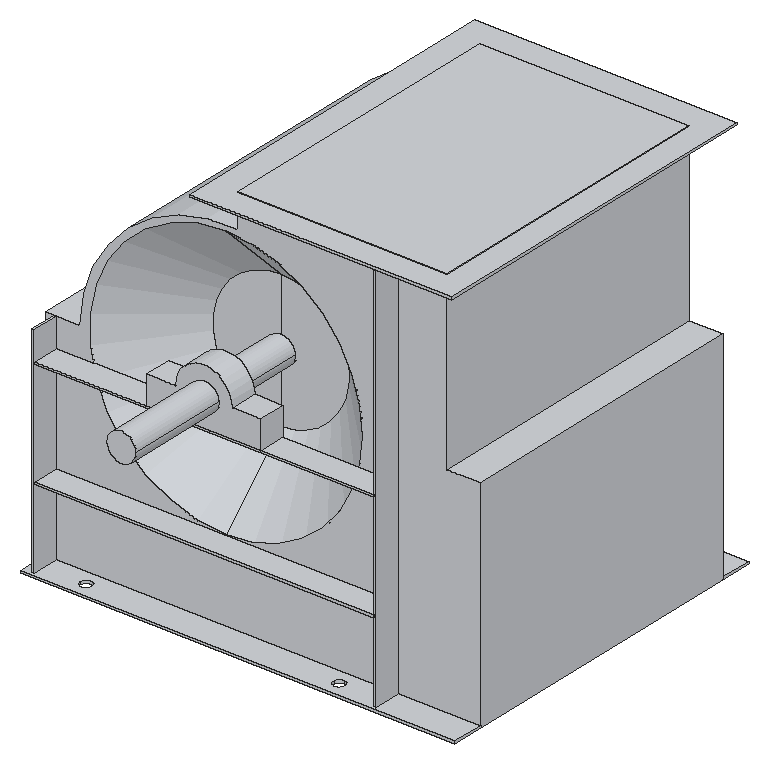
Revit family "CA_DWDI_CW_UBD", category Mechanical Equipment, Revit 2019
Family settings
  Round Connector Dimension = Use Radius
  Part Type = Normal
  Work Plane-Based = No
  Always vertical = Yes
  Cut with Voids When Loaded = No
  Shared = No
  Room Calculation Point = No
Parameters (values of type "120_CA-DWDI_CW_UBD_CLASS_2")
  X/2 = X / 2  # 0' - 10 31/32"
  X = 1' - 9 15/16"
  W/2 = W / 2  # 0' - 0 11/32"
  W = 0' - 0 11/16"
  V = 1' - 6"
  Unit Weight [instance] = ""
  U = 0' - 7 1/2"
  T = 0' - 9 31/32"
  Sones [instance] = ""
  S = 1' - 7 15/16"
  R/2 = R / 2  # 0' - 0 27/32"
  R+R = R + R  # 0' - 3 3/8"
  R = 0' - 1 11/16"
  P-N-M = P - N - M  # 0' - 1 5/8"
  P-N = -(P - N)  # -1' - 11 5/16"
  P = 2' - 5 7/16"
  N = 0' - 6 1/8"
  Motor RPM [instance] = ""
  Motor Enclosure [instance] = ""
  ModelID [instance] = ""
  M/2 = M / 2  # 0' - 10 27/32"
  M = 1' - 9 11/16"
  LwA [instance] = ""
  L = M / 2  # 0' - 10 27/32"
  K = 0' - 2"
  J = 0' - 10 11/16"
  INLET/2 = INLET / 2  # 0' - 8 1/16"
  INLET = 1' - 4 1/8"
  H = 2' - 1 3/4"
  G/5*3 = INLET / 2  # 0' - 8 1/16"
  G/10*3 = INLET / 4  # 0' - 4 1/32"
  G-2.5" = G - R  # 0' - 11 5/16"
  G-(G/5*3) = G - (INLET / 2)  # 0' - 4 15/16"
  G+((G/5*3)+2") = G + ((INLET / 2) + 0' 2")  # 1' - 11 1/16"
  G = 1' - 1"
  Fan RPM [instance] = ""
  F-.125" = F - 0' 0 1/8"  # 1' - 11 1/4"
  F-((D-A)/2) = F - ((D - A) / 2)  # 1' - 9 11/16"
  F = 1' - 11 3/8"
  E/2 = E / 2  # 0' - 10 17/32"
  E = 1' - 9 1/16"
  D/2 = D / 2  # 0' - 7 3/4"
  D = 1' - 3 1/2"
  B/2 = B / 2  # 0' - 8 27/32"
  B+.25" = B + 0' 0 1/4"  # 1' - 5 15/16"
  B = 1' - 5 11/16"
  Accessories [instance] = ""
  A/2 = A / 2  # 0' - 6 1/16"
  A+.25" = A + 0' 0 1/4"  # 1' - 0 3/8"
  A = 1' - 0 1/8"
  3" = 0' - 3"  # constant formula
  Brake Hp [instance] = ""
  4" = 0' - 4"  # constant formula
  2' = 2' - 0"
  2" = 0' - 2"  # constant formula
  1" = 0' - 1"  # constant formula
  0 = 0' - 0"  # constant formula
  Voltage [instance] = 0 V
  URL = "www.lorencook.com"
  Type Comments = "Airfoil Centrifugal Blower Clockwise Up Blast Arrangement 3 Class 2"
  Static Pressure [instance] = 0.00 in-wg
  Power [instance] = Voltage * Motor FLA * sqrt(if(Phase = 3, 3, 1))  # 0 VA
  Phase [instance] = 0
  Number of Poles [instance] = 1
  Motor Hp [instance] = "0"
  Motor FLA [instance] = 0 A
  Model = "CA DWDI"  # constant formula
  Manufacturer = "Loren Cook Company"
  CFM [instance] = 0 CFM
  1.5 = 0' - 1 1/2"  # constant formula
  ONE EIGTH = 0' - 0 1/8"  # constant formula
  -P = -P  # -2' - 5 7/16"
  -((B+.25")/2) = -((B + 0' 0 1/4") / 2)  # -0' - 8 31/32"
  (M-(B+.25"))/2 = (M - (B + 0' 0 1/4")) / 2  # 0' - 1 7/8"
  (G/5*3)+2" = (INLET / 2) + 0' 2"  # 0' - 10 1/16"
  (D-A-.25)/2 = (D - A - 0' 0 1/4") / 2  # 0' - 1 9/16"
  ((B+.25")/2) = ((B + 0' 0 1/4") / 2)  # 0' - 8 31/32"
Reference planes (in)
  plane 1 "Center (Front/Back)": y = 0
  plane 2: z = 0
  plane 3 "Center (Left/Right)": x = 0.40541
Forms (in)
  Extrusion 1, solid
    sketch origin (0, 0, 0) x (1, 0, 0) y (0, 0, 1)
      loop
        line (15.46791, 0) -> (15.46791, 13) -> (13.46791, 13) -> (13.46791, 23.375) -> (1.09291, 23.375) -> (1.09291, 21.375)
        arc (1.09291, 21.375) -> (-5.38554, 19.1923) -> (-8.28209, 13) r 8.69234
        line (-8.28209, 13) -> (-10.28209, 13) -> (-10.28209, 0) -> (15.46791, 0)
    from -8.96875 <- "-((B+.25")/2)" to 8.96875 <- "((B+.25")/2)"
  Revolve 2, void
    sketch origin (0.40541, 0, 0) x (0, 1, 0) y (0, 0, 1)
      loop
        line (8.96875, 21.0625) -> (4.9375, 17.03125) -> (4.9375, 13) -> (8.96875, 13) -> (8.96875, 21.0625)
      loop
        line (-8.96875, 21.0625) -> (-8.96875, 13) -> (-4.9375, 13) -> (-4.9375, 17.03125) -> (-8.96875, 21.0625)
      axis (8.96875, 13) -> (-8.96875, 13)
    angle from 0 to 360
  Extrusion 3, solid
    sketch origin (0, 0, 0) x (1, 0, 0) y (0, 1, 0)
      loop
        line (15.46791, 10.84375) -> (-10.28209, 10.84375) -> (-10.28209, 8.96875) -> (15.46791, 8.96875) -> (15.46791, 10.84375)
      loop
        line (-10.28209, -10.84375) -> (15.46791, -10.84375) -> (15.46791, -8.96875) -> (-10.28209, -8.96875) -> (-10.28209, -10.84375)
    from 0 to 0.125
  Extrusion 4, void
    sketch origin (0, 0, 0) x (1, 0, 0) y (0, 1, 0)
      loop
        circle (7.90541, 9.96875) r 0.34375
      loop
        circle (-7.09459, 9.96875) r 0.34375
      loop
        circle (-7.09459, -9.96875) r 0.34375
      loop
        circle (7.90541, -9.96875) r 0.34375
      loop
        circle (25.90541, 9.96875) r 0.34375
      loop
        circle (25.90541, -9.96875) r 0.34375
    from 0 to 0.125
  Extrusion 5, solid
    sketch origin (0, -10.59375, 0) x (1, 0, 0) y (0, 0, 1)
      loop
        circle (0.40541, 13) r 0.84375
    from 6.125 <- "N" to -23.3125 <- "P-N"
  Extrusion 6, solid
    sketch origin (0, -8.96875, 0) x (1, 0, 0) y (0, 0, 1)
      loop
        line (10.46791, 23.25) -> (10.46791, 0) -> (10.59291, 0) -> (10.59291, 23.25) -> (10.46791, 23.25)
      loop
        line (-9.65709, 0) -> (-9.65709, 13) -> (-9.78209, 13) -> (-9.78209, 0) -> (-9.65709, 0)
    from 0 to 1.625 <- "P-N-M"
  Extrusion 7, solid
    sketch origin (0, -8.96875, 0) x (1, 0, 0) y (0, 0, 1)
      loop
        line (-9.65709, 4.9375) -> (-9.65709, 4.8125) -> (10.46791, 4.8125) -> (10.46791, 4.9375) -> (-9.65709, 4.9375)
      loop
        line (10.46791, 11.3125) -> (-9.65709, 11.3125) -> (-9.65709, 11.1875) -> (10.46791, 11.1875) -> (10.46791, 11.3125)
    from 0 to 1.625 <- "P-N-M"
  Extrusion 8, solid
    sketch origin (0, -8.96875, 0) x (1, 0, 0) y (0, 0, 1)
      loop
        arc (2.09291, 13) -> (0.40541, 14.6875) -> (-1.28209, 13) r 1.6875
        line (-1.28209, 13) -> (-2.96959, 13) -> (-2.96959, 11.3125) -> (3.78041, 11.3125) -> (3.78041, 13) -> (2.09291, 13)
    from 0 to 1.625 <- "P-N-M"
  Extrusion 9, solid
    sketch origin (0, 8.96875, 0) x (-1, 0, 0) y (0, 0, 1)
      loop
        line (-10.46791, 0.125) -> (-10.46791, 23.25) -> (-10.59291, 23.25) -> (-10.59291, 0.125) -> (-10.46791, 0.125)
      loop
        line (9.65709, 13) -> (9.65709, 0.125) -> (9.78209, 0.125) -> (9.78209, 13) -> (9.65709, 13)
    from 0 to 1.625 <- "P-N-M"
  Extrusion 10, solid
    sketch origin (0, 8.96875, 0) x (-1, 0, 0) y (0, 0, 1)
      loop
        line (9.65709, 11.3125) -> (-10.46791, 11.3125) -> (-10.46791, 11.1875) -> (9.65709, 11.1875) -> (9.65709, 11.3125)
      loop
        line (-10.46791, 4.9375) -> (-10.46791, 4.8125) -> (9.65709, 4.8125) -> (9.65709, 4.9375) -> (-10.46791, 4.9375)
    from 0 to 1.625 <- "P-N-M"
  Extrusion 11, solid
    sketch origin (0, 8.96875, 0) x (-1, 0, 0) y (0, 0, 1)
      loop
        arc (1.28209, 13) -> (-0.40541, 14.6875) -> (-2.09291, 13) r 1.6875
        line (-2.09291, 13) -> (-3.78041, 13) -> (-3.78041, 11.3125) -> (2.96959, 11.3125) -> (2.96959, 13) -> (1.28209, 13)
    from 0 to 1.625 <- "P-N-M"
  Extrusion 12, solid
    sketch origin (13.46791, 0, 23.375) x (-1, 0, 0) y (0, -1, 0)
      loop
        line (13.9375, -10.53125) -> (13.9375, 10.53125) -> (-1.5625, 10.53125) -> (-1.5625, -10.53125) -> (13.9375, -10.53125)
    from 0 to -0.125
Cuts and joins
  Revolve 2, Extrusion 4 cuts Extrusion 1
  Extrusion 4 cuts Extrusion 3
Dimensions and locks (in)
  "0": Extrusion 1 to Revolve 2 sketch curve
  "0": Revolve 2 sketch curve to Extrusion 1
  "G": level to Revolve 2 sketch curve
  "G": Revolve 2 sketch curve to level  (x2)
  "G/10*3": Revolve 2 sketch curve to Revolve 2 sketch curve  (x4)
  "0": cut or joined group of Extrusion 1, Revolve 2, Extrusion 4 to Extrusion 3 sketch curve  (x3)
  "0": Extrusion 3 sketch curve to cut or joined group of Extrusion 1, Revolve 2, Extrusion 4  (x3)
  "M/2": Extrusion 3 sketch curve to plane 1 "Center (Front/Back)"
  "M/2": plane 1 "Center (Front/Back)" to Extrusion 3 sketch curve
  "T": plane 1 "Center (Front/Back)" to Extrusion 4 sketch curve  (x3)
  "T": Extrusion 4 sketch curve to plane 1 "Center (Front/Back)"  (x3)
  "U": Extrusion 4 sketch curve to plane 3 "Center (Left/Right)"  (x2)
  "U": plane 3 "Center (Left/Right)" to Extrusion 4 sketch curve  (x2)
  "G": Extrusion 5 sketch curve to level
  "0": Extrusion 5 sketch curve to plane 3 "Center (Left/Right)"
  "0": Extrusion 6 sketch curve to level  (x2)
  "ONE EIGTH": Extrusion 6 sketch curve to Extrusion 6 sketch curve  (x2)
  "(G/5*3)+2"": Extrusion 6 sketch curve to plane 3 "Center (Left/Right)"
  "(G/5*3)+2"": plane 3 "Center (Left/Right)" to Extrusion 6 sketch curve
  "G": Extrusion 6 sketch curve to level
  "(G/5*3)+2"": Extrusion 7 sketch curve to plane 3 "Center (Left/Right)"  (x2)
  "(G/5*3)+2"": plane 3 "Center (Left/Right)" to Extrusion 7 sketch curve  (x2)
  "ONE EIGTH": Extrusion 7 sketch curve to Extrusion 7 sketch curve  (x2)
  "G-(G/5*3)": Extrusion 7 sketch curve to level
  "G-2.5"": Extrusion 7 sketch curve to level
  "R+R": plane 3 "Center (Left/Right)" to Extrusion 8 sketch curve
  "R+R": Extrusion 8 sketch curve to plane 3 "Center (Left/Right)"
  "0": Extrusion 8 sketch curve to plane 3 "Center (Left/Right)"
  "G": Extrusion 8 sketch curve to cut or joined group of Extrusion 3, Extrusion 4
  "0": Extrusion 8 sketch curve to Extrusion 8 sketch curve  (x2)
  "0": Extrusion 8 sketch curve to Extrusion 7
  "ONE EIGTH": level to Extrusion 9 sketch curve  (x2)
  "0": Extrusion 9 sketch curve to Extrusion 6
  "ONE EIGTH": Extrusion 9 sketch curve to Extrusion 9 sketch curve  (x2)
  "(G/5*3)+2"": Extrusion 9 sketch curve to plane 3 "Center (Left/Right)"
  "(G/5*3)+2"": plane 3 "Center (Left/Right)" to Extrusion 9 sketch curve
  "(G/5*3)+2"": Extrusion 10 sketch curve to plane 3 "Center (Left/Right)"  (x2)
  "(G/5*3)+2"": plane 3 "Center (Left/Right)" to Extrusion 10 sketch curve  (x2)
  "ONE EIGTH": Extrusion 10 sketch curve to Extrusion 10 sketch curve  (x2)
  "0": Extrusion 7 to Extrusion 10 sketch curve  (x2)
  "0": Extrusion 11 sketch curve to Extrusion 10
  "G": level to Extrusion 11 sketch curve  (x3)
  "R+R": plane 3 "Center (Left/Right)" to Extrusion 11 sketch curve
  "R+R": Extrusion 11 sketch curve to plane 3 "Center (Left/Right)"
  "0": Extrusion 11 sketch curve to plane 3 "Center (Left/Right)"
  "INLET/2": Revolve 2 sketch curve to Revolve 2 sketch curve  (x2)
  "F-.125"": Extrusion 6 sketch curve to level
  "H": Extrusion 1 sketch curve to Extrusion 1 sketch curve
  "G": Extrusion 1 sketch curve to level  (x2)
  "K": Extrusion 1 sketch curve to Extrusion 1 sketch curve  (x2)
  "0": Extrusion 1 sketch curve to level
  "J": Extrusion 1 sketch curve to plane 3 "Center (Left/Right)"
  "F": Extrusion 1 sketch curve to level
  "A+.25"": Extrusion 1 sketch curve to Extrusion 1 sketch curve
  "2"": Extrusion 1 sketch curve to Extrusion 1 sketch curve
  "0": Extrusion 1 sketch curve to plane 3 "Center (Left/Right)"
  "E/2": plane 1 "Center (Front/Back)" to Extrusion 12 sketch curve
  "E/2": Extrusion 12 sketch curve to plane 1 "Center (Front/Back)"
  "D": Extrusion 12 sketch curve to Extrusion 12 sketch curve
  "(D-A-.25)/2": Extrusion 12 sketch curve to cut or joined group of Extrusion 1, Revolve 2, Extrusion 4
  "V": Extrusion 4 sketch curve to Extrusion 4 sketch curve  (x2)
  "G": Extrusion 9 sketch curve to level
  "W/2": radius of Extrusion 4 sketch curve  (x6)
  "R/2": radius of Extrusion 5 sketch curve
  "R": radius of Extrusion 8 sketch curve
  "R": radius of Extrusion 11 sketch curve
Automatic sketch dimensions
  Extrusion 8 sketch curve to Extrusion 8 sketch curve = 0' - 0"
  plane 1 "Center (Front/Back)" to Revolve 2 sketch curve = 0' - 3.84814"
  Revolve 2 sketch curve to Revolve 2 sketch curve = 0' - 0"
Connectors (in)
  hvac at (7.28041, 0, 23.25), driven by "B", driven by "A"
    settings: on Extrusion 12, index 4, duct flow 0 CFM, flow factor 0, pres drop 0.00 in-wg, loss coef 0, conn angle 0.00°, conn width 12 1/8", conn height 17 11/16", conn diameter 24", duct sys type 29, conn prof type 1, flow config 0, flow direction 2, loss method 0, conn ref index -1, conn util no, is conn primary yes, conn desc ""
  hvac at (0.40541, 8.96875, 13), driven by "INLET/2"
    settings: on cut or joined group of Extrusion 1, Revolve 2, Extrusion 4, index 5, duct flow 0 CFM, flow factor 0, pres drop 0.00 in-wg, loss coef 0, conn angle 0.00°, conn width 12", conn height 12", conn diameter 16 1/8", duct sys type 29, conn prof type 0, flow config 0, flow direction 1, loss method 0, conn ref index -1, conn util no, is conn primary no, conn desc ""
  hvac at (0.40541, -8.96875, 13), driven by "INLET/2"
    settings: on cut or joined group of Extrusion 1, Revolve 2, Extrusion 4, index 6, duct flow 0 CFM, flow factor 0, pres drop 0.00 in-wg, loss coef 0, conn angle 0.00°, conn width 12", conn height 12", conn diameter 16 1/8", duct sys type 29, conn prof type 0, flow config 0, flow direction 1, loss method 0, conn ref index -1, conn util no, is conn primary no, conn desc ""
Types (61): name | X/2 | X | W/2 | W | V | U | T | S | R/2 | R+R | R | P-N-M | P-N | P | N | M/2 | M | L | K | J | INLET/2 | INLET | H | G/5*3 | G/10*3 | G-2.5" | G-(G/5*3) | G+((G/5*3)+2") | G | F-.125" | F-((D-A)/2) | F | E/2 | E | D/2 | D | B/2 | B+.25" | B | A/2 | A+.25" | A | Type Comments | -P | -((B+.25")/2) | (M-(B+.25"))/2 | (G/5*3)+2" | (D-A-.25)/2 | ((B+.25")/2)
  (no name) | 0' - 10 31/32" | 1' - 9 15/16" | 0' - 0 11/32" | 0' - 0 11/16" | 1' - 6" | 0' - 7 1/2" | 0' - 9 31/32" | 1' - 7 15/16" | 0' - 0 27/32" | 0' - 3 3/8" | 0' - 1 11/16" | 0' - 1 5/8" | -1' - 11 5/16" | 2' - 5 7/16" | 0' - 6 1/8" | 0' - 10 27/32" | 1' - 9 11/16" | 0' - 10 27/32" | 0' - 2" | 0' - 10 11/16" | 0' - 8 1/16" | 1' - 4 1/8" | 2' - 1 3/4" | 0' - 8 1/16" | 0' - 4 1/32" | 0' - 11 5/16" | 0' - 4 15/16" | 1' - 11 1/16" | 1' - 1" | 1' - 11 1/4" | 1' - 9 11/16" | 1' - 11 3/8" | 0' - 10 17/32" | 1' - 9 1/16" | 0' - 7 3/4" | 1' - 3 1/2" | 0' - 8 27/32" | 1' - 5 15/16" | 1' - 5 11/16" | 0' - 6 1/16" | 1' - 0 3/8" | 1' - 0 1/8" | "Airfoil Centrifugal Blower Clockwise Up Blast Arrangement 3 Class 2" | -2' - 5 7/16" | -0' - 8 31/32" | 0' - 1 7/8" | 0' - 10 1/16" | 0' - 1 9/16" | 0' - 8 31/32"
  120_CA-DWDI_CW_UBD_CLASS_1 | 0' - 10 31/32" | 1' - 9 15/16" | 0' - 0 11/32" | 0' - 0 11/16" | 1' - 6" | 0' - 7 1/2" | 0' - 9 31/32" | 1' - 7 15/16" | 0' - 0 23/32" | 0' - 2 7/8" | 0' - 1 7/16" | 0' - 1 1/4" | -1' - 10 15/16" | 2' - 4 11/16" | 0' - 5 3/4" | 0' - 10 27/32" | 1' - 9 11/16" | 0' - 10 27/32" | 0' - 2" | 0' - 10 11/16" | 0' - 8 1/16" | 1' - 4 1/8" | 2' - 1 3/4" | 0' - 8 1/16" | 0' - 4 1/32" | 0' - 11 9/16" | 0' - 4 15/16" | 1' - 11 1/16" | 1' - 1" | 1' - 11 1/4" | 1' - 9 11/16" | 1' - 11 3/8" | 0' - 10 17/32" | 1' - 9 1/16" | 0' - 7 3/4" | 1' - 3 1/2" | 0' - 8 27/32" | 1' - 5 15/16" | 1' - 5 11/16" | 0' - 6 1/16" | 1' - 0 3/8" | 1' - 0 1/8" | "Airfoil Centrifugal Blower Clockwise Up Blast Arrangement 3 Class 1" | -2' - 4 11/16" | -0' - 8 31/32" | 0' - 1 7/8" | 0' - 10 1/16" | 0' - 1 9/16" | 0' - 8 31/32"
  135_CA-DWDI_CW_UBD_CLASS_1 | 1' - 0 3/32" | 2' - 0 3/16" | 0' - 0 11/32" | 0' - 0 11/16" | 1' - 6" | 0' - 8 1/2" | 0' - 11 3/32" | 1' - 10 3/16" | 0' - 0 23/32" | 0' - 2 7/8" | 0' - 1 7/16" | 0' - 1 1/4" | -2' - 1 3/16" | 2' - 6 15/16" | 0' - 5 3/4" | 0' - 11 31/32" | 1' - 11 15/16" | 0' - 11 31/32" | 0' - 2" | 1' - 0 1/16" | 0' - 8 13/16" | 1' - 5 5/8" | 2' - 4 3/4" | 0' - 8 13/16" | 0' - 4 13/32" | 1' - 0 9/16" | 0' - 5 3/16" | 2' - 0 13/16" | 1' - 2" | 2' - 1 1/2" | 1' - 11 15/16" | 2' - 1 5/8" | 0' - 11 21/32" | 1' - 11 5/16" | 0' - 8 1/2" | 1' - 5" | 0' - 9 31/32" | 1' - 8 3/16" | 1' - 7 15/16" | 0' - 6 13/16" | 1' - 1 7/8" | 1' - 1 5/8" | "Airfoil Centrifugal Blower Clockwise Up Blast Arrangement 3 Class 1" | -2' - 6 15/16" | -0' - 10 3/32" | 0' - 1 7/8" | 0' - 10 13/16" | 0' - 1 9/16" | 0' - 10 3/32"
  150_CA-DWDI_CW_UBD_CLASS_1 | 1' - 1 1/8" | 2' - 2 1/4" | 0' - 0 11/32" | 0' - 0 11/16" | 1' - 6" | 0' - 9" | 1' - 0 1/8" | 2' - 0 1/4" | 0' - 0 27/32" | 0' - 3 3/8" | 0' - 1 11/16" | 0' - 1 5/8" | -2' - 3 5/8" | 2' - 10 1/4" | 0' - 6 5/8" | 1' - 1" | 2' - 2" | 1' - 1" | 0' - 2" | 1' - 1 5/16" | 0' - 9 9/16" | 1' - 7 1/8" | 2' - 7 5/8" | 0' - 9 9/16" | 0' - 4 25/32" | 1' - 1 5/16" | 0' - 5 7/16" | 2' - 2 9/16" | 1' - 3" | 2' - 3 13/16" | 2' - 2 1/4" | 2' - 3 15/16" | 1' - 0 11/16" | 2' - 1 3/8" | 0' - 9 5/16" | 1' - 6 5/8" | 0' - 11" | 1' - 10 1/4" | 1' - 10" | 0' - 7 5/8" | 1' - 3 1/2" | 1' - 3 1/4" | "Airfoil Centrifugal Blower Clockwise Up Blast Arrangement 3 Class 1" | -2' - 10 1/4" | -0' - 11 1/8" | 0' - 1 7/8" | 0' - 11 9/16" | 0' - 1 9/16" | 0' - 11 1/8"
  165_CA-DWDI_CW_UBD_CLASS_1 | 1' - 2 1/8" | 2' - 4 1/4" | 0' - 0 11/32" | 0' - 0 11/16" | 1' - 6" | 0' - 10" | 1' - 1 1/8" | 2' - 2 1/4" | 0' - 0 27/32" | 0' - 3 3/8" | 0' - 1 11/16" | 0' - 1 5/8" | -2' - 5 5/8" | 3' - 0 1/4" | 0' - 6 5/8" | 1' - 2" | 2' - 4" | 1' - 2" | 0' - 2" | 1' - 2 7/16" | 0' - 10 19/32" | 1' - 9 3/16" | 2' - 10 3/8" | 0' - 10 19/32" | 0' - 5 19/64" | 1' - 3 5/16" | 0' - 6 13/32" | 2' - 5 19/32" | 1' - 5" | 2' - 7 1/8" | 2' - 5 9/16" | 2' - 7 1/4" | 1' - 1 11/16" | 2' - 3 3/8" | 0' - 10 5/32" | 1' - 8 5/16" | 1' - 0" | 2' - 0 1/4" | 2' - 0" | 0' - 8 15/32" | 1' - 5 3/16" | 1' - 4 15/16" | "Airfoil Centrifugal Blower Clockwise Up Blast Arrangement 3 Class 1" | -3' - 0 1/4" | -1' - 0 1/8" | 0' - 1 7/8" | 1' - 0 19/32" | 0' - 1 9/16" | 1' - 0 1/8"
  180_CA-DWDI_CW_UBD_CLASS_1 | 1' - 3 5/32" | 2' - 6 5/16" | 0' - 0 11/32" | 0' - 0 11/16" | 1' - 6" | 0' - 11" | 1' - 2 5/32" | 2' - 4 5/16" | 0' - 0 27/32" | 0' - 3 3/8" | 0' - 1 11/16" | 0' - 1 5/8" | -2' - 7 11/16" | 3' - 2 13/16" | 0' - 7 1/8" | 1' - 3 1/32" | 2' - 6 1/16" | 1' - 3 1/32" | 0' - 2" | 1' - 3 9/16" | 0' - 11 11/32" | 1' - 10 11/16" | 3' - 1 1/8" | 0' - 11 11/32" | 0' - 5 43/64" | 1' - 4 5/16" | 0' - 6 21/32" | 2' - 7 11/32" | 1' - 6" | 2' - 9 3/8" | 2' - 7 13/16" | 2' - 9 1/2" | 1' - 2 23/32" | 2' - 5 7/16" | 0' - 10 15/16" | 1' - 9 7/8" | 1' - 1 1/32" | 2' - 2 5/16" | 2' - 2 1/16" | 0' - 9 1/4" | 1' - 6 3/4" | 1' - 6 1/2" | "Airfoil Centrifugal Blower Clockwise Up Blast Arrangement 3 Class 1" | -3' - 2 13/16" | -1' - 1 5/32" | 0' - 1 7/8" | 1' - 1 11/32" | 0' - 1 9/16" | 1' - 1 5/32"
  195_CA-DWDI_CW_UBD_CLASS_1 | 1' - 4 11/32" | 2' - 8 11/16" | 0' - 0 11/32" | 0' - 0 11/16" | 0' - 6" | 0' - 11 1/2" | 1' - 3 11/32" | 2' - 6 11/16" | 0' - 0 31/32" | 0' - 3 7/8" | 0' - 1 15/16" | 0' - 2" | -2' - 10 7/16" | 3' - 5 11/16" | 0' - 7 1/4" | 1' - 4 7/32" | 2' - 8 7/16" | 1' - 4 7/32" | 0' - 2" | 1' - 4 13/16" | 1' - 0 3/32" | 2' - 0 3/16" | 3' - 4" | 1' - 0 3/32" | 0' - 6 3/64" | 1' - 6 1/16" | 0' - 7 29/32" | 2' - 10 3/32" | 1' - 8" | 3' - 0 11/16" | 2' - 11 1/8" | 3' - 0 13/16" | 1' - 3 29/32" | 2' - 7 13/16" | 0' - 11 7/16" | 1' - 10 7/8" | 1' - 2 7/32" | 2' - 4 11/16" | 2' - 4 7/16" | 0' - 9 3/4" | 1' - 7 3/4" | 1' - 7 1/2" | "Airfoil Centrifugal Blower Clockwise Up Blast Arrangement 3 Class 1" | -3' - 5 11/16" | -1' - 2 11/32" | 0' - 1 7/8" | 1' - 2 3/32" | 0' - 1 9/16" | 1' - 2 11/32"
  210_CA-DWDI_CW_UBD_CLASS_1 | 1' - 5 5/16" | 2' - 10 5/8" | 0' - 0 13/32" | 0' - 0 13/16" | 0' - 7" | 1' - 0" | 1' - 4 5/16" | 2' - 8 5/8" | 0' - 0 31/32" | 0' - 3 7/8" | 0' - 1 15/16" | 0' - 1 7/8" | -3' - 0 1/4" | 3' - 8 1/8" | 0' - 7 7/8" | 1' - 5 3/16" | 2' - 10 3/8" | 1' - 5 3/16" | 0' - 2" | 1' - 6" | 1' - 0 31/32" | 2' - 1 15/16" | 3' - 6 7/8" | 1' - 0 31/32" | 0' - 6 31/64" | 1' - 7 1/16" | 0' - 8 1/32" | 2' - 11 31/32" | 1' - 9" | 3' - 3" | 3' - 1 7/16" | 3' - 3 1/8" | 1' - 4 7/8" | 2' - 9 3/4" | 1' - 0 1/2" | 2' - 1" | 1' - 3 3/16" | 2' - 6 5/8" | 2' - 6 3/8" | 0' - 10 13/16" | 1' - 9 7/8" | 1' - 9 5/8" | "Airfoil Centrifugal Blower Clockwise Up Blast Arrangement 3 Class 1" | -3' - 8 1/8" | -1' - 3 5/16" | 0' - 1 7/8" | 1' - 2 31/32" | 0' - 1 9/16" | 1' - 3 5/16"
  225_CA-DWDI_CW_UBD_CLASS_1 | 1' - 6 3/8" | 3' - 0 3/4" | 0' - 0 13/32" | 0' - 0 13/16" | 0' - 7 1/2" | 1' - 0 1/2" | 1' - 5 3/8" | 2' - 10 3/4" | 0' - 0 31/32" | 0' - 3 7/8" | 0' - 1 15/16" | 0' - 3 7/8" | -3' - 4 3/8" | 4' - 0 1/4" | 0' - 7 7/8" | 1' - 6 1/4" | 3' - 0 1/2" | 1' - 6 1/4" | 0' - 2" | 1' - 7 1/4" | 1' - 1 23/32" | 2' - 3 7/16" | 3' - 9 3/4" | 1' - 1 23/32" | 0' - 6 55/64" | 1' - 9 1/16" | 0' - 9 9/32" | 3' - 2 23/32" | 1' - 11" | 3' - 6 1/4" | 3' - 4 11/16" | 3' - 6 3/8" | 1' - 5 15/16" | 2' - 11 7/8" | 1' - 1 9/32" | 2' - 2 9/16" | 1' - 4 1/4" | 2' - 8 3/4" | 2' - 8 1/2" | 0' - 11 19/32" | 1' - 11 7/16" | 1' - 11 3/16" | "Airfoil Centrifugal Blower Clockwise Up Blast Arrangement 3 Class 1" | -4' - 0 1/4" | -1' - 4 3/8" | 0' - 1 7/8" | 1' - 3 23/32" | 0' - 1 9/16" | 1' - 4 3/8"
  245_CA-DWDI_CW_UBD_CLASS_1 | 1' - 8 21/32" | 3' - 5 5/16" | 0' - 0 13/32" | 0' - 0 13/16" | 0' - 8" | 1' - 1 1/2" | 1' - 6 21/32" | 3' - 1 5/16" | 0' - 1 3/32" | 0' - 4 3/8" | 0' - 2 3/16" | 0' - 2 1/8" | -3' - 5 3/16" | 4' - 1 13/16" | 0' - 8 5/8" | 1' - 7 17/32" | 3' - 3 1/16" | 1' - 7 17/32" | 0' - 2" | 1' - 8 7/8" | 1' - 2 23/32" | 2' - 5 7/16" | 4' - 1 1/2" | 1' - 2 23/32" | 0' - 7 23/64" | 1' - 10 13/16" | 0' - 10 9/32" | 3' - 5 23/32" | 2' - 1" | 3' - 10" | 3' - 8 7/16" | 3' - 10 1/8" | 1' - 7 7/32" | 3' - 2 7/16" | 1' - 2 7/16" | 2' - 4 7/8" | 1' - 5 17/32" | 2' - 11 5/16" | 2' - 11 1/16" | 1' - 0 3/4" | 2' - 1 3/4" | 2' - 1 1/2" | "Airfoil Centrifugal Blower Clockwise Up Blast Arrangement 3 Class 1" | -4' - 1 13/16" | -1' - 5 21/32" | 0' - 1 7/8" | 1' - 4 23/32" | 0' - 1 9/16" | 1' - 5 21/32"
  270_CA-DWDI_CW_UBD_CLASS_1 | 1' - 10 27/32" | 3' - 9 11/16" | 0' - 0 13/32" | 0' - 0 13/16" | 0' - 9" | 1' - 3" | 1' - 8 27/32" | 3' - 5 11/16" | 0' - 1 3/32" | 0' - 4 3/8" | 0' - 2 3/16" | 0' - 2 1/8" | -3' - 9 9/16" | 4' - 6 3/16" | 0' - 8 5/8" | 1' - 9 23/32" | 3' - 7 7/16" | 1' - 9 23/32" | 0' - 2" | 1' - 11 3/8" | 1' - 3 31/32" | 2' - 7 15/16" | 4' - 6 3/4" | 1' - 3 31/32" | 0' - 7 63/64" | 2' - 0 13/16" | 0' - 11 1/32" | 3' - 8 31/32" | 2' - 3" | 4' - 2 1/8" | 4' - 0 9/16" | 4' - 2 1/4" | 1' - 9 13/32" | 3' - 6 13/16" | 1' - 3 7/16" | 2' - 6 7/8" | 1' - 7 23/32" | 3' - 3 11/16" | 3' - 3 7/16" | 1' - 1 3/4" | 2' - 3 3/4" | 2' - 3 1/2" | "Airfoil Centrifugal Blower Clockwise Up Blast Arrangement 3 Class 1" | -4' - 6 3/16" | -1' - 7 27/32" | 0' - 1 7/8" | 1' - 5 31/32" | 0' - 1 9/16" | 1' - 7 27/32"
  300_CA-DWDI_CW_UBD_CLASS_1 | 2' - 0 5/8" | 4' - 1 1/4" | 0' - 0 13/32" | 0' - 0 13/16" | 0' - 10" | 1' - 4 1/2" | 1' - 10 5/8" | 3' - 9 1/4" | 0' - 1 7/32" | 0' - 4 7/8" | 0' - 2 7/16" | 0' - 2 1/4" | -4' - 1 1/4" | 4' - 10 1/2" | 0' - 9 1/4" | 1' - 11 1/2" | 3' - 11" | 1' - 11 1/2" | 0' - 2" | 2' - 1 3/8" | 1' - 5 15/32" | 2' - 10 15/16" | 5' - 0" | 1' - 5 15/32" | 0' - 8 47/64" | 2' - 3 9/16" | 1' - 0 17/32" | 4' - 1 15/32" | 2' - 6" | 4' - 7 3/4" | 4' - 6 5/32" | 4' - 7 7/8" | 1' - 11 7/32" | 3' - 10 7/16" | 1' - 5 5/16" | 2' - 10 5/8" | 1' - 9 1/2" | 3' - 7 1/4" | 3' - 7" | 1' - 3 19/32" | 2' - 7 7/16" | 2' - 7 3/16" | "Airfoil Centrifugal Blower Clockwise Up Blast Arrangement 3 Class 1" | -4' - 10 1/2" | -1' - 9 5/8" | 0' - 1 7/8" | 1' - 7 15/32" | 0' - 1 19/32" | 1' - 9 5/8"
  330_CA-DWDI_CW_UBD_CLASS_1 | 2' - 2 23/32" | 4' - 5 7/16" | 0' - 0 13/32" | 0' - 0 13/16" | 1' - 0" | 1' - 6" | 2' - 0 21/32" | 4' - 1 5/16" | 0' - 1 11/32" | 0' - 5 3/8" | 0' - 2 11/16" | 0' - 2 7/16" | -4' - 5 1/2" | 5' - 3 9/16" | 0' - 10 1/16" | 2' - 1 17/32" | 4' - 3 1/16" | 2' - 1 17/32" | 0' - 2" | 2' - 3 7/8" | 1' - 6 31/32" | 3' - 1 15/16" | 5' - 5 3/4" | 1' - 6 31/32" | 0' - 9 31/64" | 2' - 6 5/16" | 1' - 2 1/32" | 4' - 5 31/32" | 2' - 9" | 5' - 1 1/4" | 4' - 11 5/32" | 5' - 1 3/8" | 2' - 1 3/4" | 4' - 3 1/2" | 1' - 7 15/32" | 3' - 2 15/16" | 1' - 11 17/32" | 3' - 11 5/16" | 3' - 11 1/16" | 1' - 5 1/4" | 2' - 10 3/4" | 2' - 10 1/2" | "Airfoil Centrifugal Blower Clockwise Up Blast Arrangement 3 Class 1" | -5' - 3 9/16" | -1' - 11 21/32" | 0' - 1 7/8" | 1' - 8 31/32" | 0' - 2 3/32" | 1' - 11 21/32"
  365_CA-DWDI_CW_UBD_CLASS_1 | 2' - 5 9/32" | 4' - 10 9/16" | 0' - 0 13/32" | 0' - 0 13/16" | 1' - 1" | 1' - 8" | 2' - 3 7/32" | 4' - 6 7/16" | 0' - 1 3/32" | 0' - 4 3/8" | 0' - 2 3/16" | 0' - 2 13/16" | -4' - 11" | 5' - 9 5/16" | 0' - 10 5/16" | 2' - 4 3/32" | 4' - 8 3/16" | 2' - 4 3/32" | 0' - 2" | 2' - 6 5/8" | 1' - 8 23/32" | 3' - 5 7/16" | 6' - 0 3/8" | 1' - 8 23/32" | 0' - 10 23/64" | 2' - 9 13/16" | 1' - 3 9/32" | 4' - 10 23/32" | 3' - 0" | 5' - 7 5/16" | 5' - 5 7/32" | 5' - 7 7/16" | 2' - 4 5/16" | 4' - 8 5/8" | 1' - 9 9/16" | 3' - 7 1/8" | 2' - 2 3/32" | 4' - 4 7/16" | 4' - 4 3/16" | 1' - 7 11/32" | 3' - 2 15/16" | 3' - 2 11/16" | "Airfoil Centrifugal Blower Clockwise Up Blast Arrangement 3 Class 1" | -5' - 9 5/16" | -2' - 2 7/32" | 0' - 1 7/8" | 1' - 10 23/32" | 0' - 2 3/32" | 2' - 2 7/32"
  402_CA-DWDI_CW_UBD_CLASS_1 | 2' - 8 19/32" | 5' - 5 3/16" | 0' - 0 17/32" | 0' - 1 1/16" | 1' - 2" | 1' - 10" | 2' - 6 21/32" | 5' - 1 5/16" | 0' - 1 7/32" | 0' - 4 7/8" | 0' - 2 7/16" | 0' - 1 7/8" | -5' - 5 11/16" | 6' - 3 11/16" | 0' - 10" | 2' - 7 29/32" | 5' - 3 13/16" | 2' - 7 29/32" | 0' - 3" | 2' - 9 5/8" | 1' - 10 19/32" | 3' - 9 3/16" | 6' - 8 3/8" | 1' - 10 19/32" | 0' - 11 19/64" | 3' - 1 9/16" | 1' - 5 13/32" | 5' - 4 19/32" | 3' - 4" | 6' - 2 9/16" | 6' - 0 15/32" | 6' - 2 11/16" | 2' - 7 1/8" | 5' - 2 1/4" | 1' - 11 3/32" | 3' - 10 3/16" | 2' - 4 29/32" | 4' - 10 1/16" | 4' - 9 13/16" | 1' - 8 7/8" | 3' - 6" | 3' - 5 3/4" | "Airfoil Centrifugal Blower Clockwise Up Blast Arrangement 3 Class 1" | -6' - 3 11/16" | -2' - 5 1/32" | 0' - 2 7/8" | 2' - 0 19/32" | 0' - 2 3/32" | 2' - 5 1/32"
  445_CA-DWDI_CW_UBD_CLASS_1 | 2' - 11 13/16" | 5' - 11 5/8" | 0' - 0 17/32" | 0' - 1 1/16" | 1' - 4" | 2' - 0" | 2' - 9 7/8" | 5' - 7 3/4" | 0' - 1 7/32" | 0' - 4 7/8" | 0' - 2 7/16" | 0' - 1 3/4" | -6' - 0" | 6' - 10 5/8" | 0' - 10 5/8" | 2' - 11 1/8" | 5' - 10 1/4" | 2' - 11 1/8" | 0' - 3" | 3' - 1 1/8" | 2' - 0 23/32" | 4' - 1 7/16" | 7' - 4 1/2" | 2' - 0 23/32" | 1' - 0 23/64" | 3' - 5 9/16" | 1' - 7 9/32" | 5' - 10 23/32" | 3' - 8" | 6' - 10 3/16" | 6' - 8 3/32" | 6' - 10 5/16" | 2' - 10 11/32" | 5' - 8 11/16" | 2' - 1 3/16" | 4' - 2 3/8" | 2' - 8 1/8" | 5' - 4 1/2" | 5' - 4 1/4" | 1' - 10 31/32" | 3' - 10 3/16" | 3' - 9 15/16" | "Airfoil Centrifugal Blower Clockwise Up Blast Arrangement 3 Class 1" | -6' - 10 5/8" | -2' - 8 1/4" | 0' - 2 7/8" | 2' - 2 23/32" | 0' - 2 3/32" | 2' - 8 1/4"
  490_CA-DWDI_CW_UBD_CLASS_1 | 3' - 2 3/4" | 6' - 5 1/2" | 0' - 0 17/32" | 0' - 1 1/16" | 1' - 6" | 2' - 2 1/2" | 3' - 0 13/16" | 6' - 1 5/8" | 0' - 1 15/32" | 0' - 5 7/8" | 0' - 2 15/16" | 0' - 1 7/8" | -6' - 6" | 7' - 5 1/2" | 0' - 11 1/2" | 3' - 2 1/16" | 6' - 4 1/8" | 3' - 2 1/16" | 0' - 3" | 3' - 4 3/4" | 2' - 3 1/2" | 4' - 7" | 8' - 1" | 2' - 3 1/2" | 1' - 1 3/4" | 3' - 9 1/16" | 1' - 8 1/2" | 6' - 5 1/2" | 4' - 0" | 7' - 6 1/16" | 7' - 3 31/32" | 7' - 6 3/16" | 3' - 1 9/32" | 6' - 2 9/16" | 2' - 3 23/32" | 4' - 7 7/16" | 2' - 11 1/16" | 5' - 10 3/8" | 5' - 10 1/8" | 2' - 1 1/2" | 4' - 3 1/4" | 4' - 3" | "Airfoil Centrifugal Blower Clockwise Up Blast Arrangement 3 Class 1" | -7' - 5 1/2" | -2' - 11 3/16" | 0' - 2 7/8" | 2' - 5 1/2" | 0' - 2 3/32" | 2' - 11 3/16"
  540_CA-DWDI_CW_UBD_CLASS_1 | 3' - 8 5/32" | 7' - 4 5/16" | 0' - 0 17/32" | 0' - 1 1/16" | 1' - 8" | 2' - 5" | 3' - 4 23/32" | 6' - 9 7/16" | 0' - 1 23/32" | 0' - 6 7/8" | 0' - 3 7/16" | 0' - 1 15/16" | -7' - 1 7/8" | 8' - 2 5/16" | 1' - 0 7/16" | 3' - 5 31/32" | 6' - 11 15/16" | 3' - 5 31/32" | 0' - 3" | 3' - 8 7/8" | 2' - 6" | 5' - 0" | 8' - 10 5/8" | 2' - 6" | 1' - 3" | 4' - 1 9/16" | 1' - 11" | 7' - 1" | 4' - 5" | 8' - 3 3/8" | 8' - 1 9/32" | 8' - 3 1/2" | 3' - 5 3/16" | 6' - 10 3/8" | 2' - 6 3/32" | 5' - 0 3/16" | 3' - 2 31/32" | 6' - 6 3/16" | 6' - 5 15/16" | 2' - 3 7/8" | 4' - 8" | 4' - 7 3/4" | "Airfoil Centrifugal Blower Clockwise Up Blast Arrangement 3 Class 1" | -8' - 2 5/16" | -3' - 3 3/32" | 0' - 2 7/8" | 2' - 8" | 0' - 2 3/32" | 3' - 3 3/32"
  600_CA-DWDI_CW_UBD_CLASS_1 | 4' - 0 5/16" | 8' - 0 5/8" | 0' - 0 17/32" | 0' - 1 1/16" | 1' - 10" | 2' - 8" | 3' - 8 7/8" | 7' - 5 3/4" | 0' - 1 23/32" | 0' - 6 7/8" | 0' - 3 7/16" | 0' - 2 1/4" | -7' - 10 1/2" | 8' - 11 1/2" | 1' - 1" | 3' - 10 1/8" | 7' - 8 1/4" | 3' - 10 1/8" | 0' - 3" | 4' - 1 3/4" | 2' - 9" | 5' - 6" | 9' - 10" | 2' - 9" | 1' - 4 1/2" | 4' - 7 9/16" | 2' - 2" | 7' - 10" | 4' - 11" | 9' - 2 9/16" | 9' - 0 15/32" | 9' - 2 11/16" | 3' - 9 11/32" | 7' - 6 11/16" | 2' - 9 5/16" | 5' - 6 5/8" | 3' - 7 1/8" | 7' - 2 1/2" | 7' - 2 1/4" | 2' - 7 3/32" | 5' - 2 7/16" | 5' - 2 3/16" | "Airfoil Centrifugal Blower Clockwise Up Blast Arrangement 3 Class 1" | -8' - 11 1/2" | -3' - 7 1/4" | 0' - 2 7/8" | 2' - 11" | 0' - 2 3/32" | 3' - 7 1/4"
  660_CA-DWDI_CW_UBD_CLASS_1 | 4' - 4 5/8" | 8' - 9 1/4" | 0' - 0 17/32" | 0' - 1 1/16" | 2' - 1" | 2' - 11" | 4' - 1 3/16" | 8' - 2 3/8" | 0' - 1 31/32" | 0' - 7 7/8" | 0' - 3 15/16" | 0' - 2 3/16" | -8' - 7 1/16" | 9' - 9 7/8" | 1' - 2 13/16" | 4' - 2 7/16" | 8' - 4 7/8" | 4' - 2 7/16" | 0' - 3" | 4' - 6 5/8" | 3' - 0" | 6' - 0" | 10' - 9 3/8" | 3' - 0" | 1' - 6" | 5' - 1 1/16" | 2' - 5" | 8' - 7" | 5' - 5" | 10' - 1 3/4" | 9' - 11 21/32" | 10' - 1 7/8" | 4' - 1 21/32" | 8' - 3 5/16" | 3' - 0 7/16" | 6' - 0 7/8" | 3' - 11 7/16" | 7' - 11 1/8" | 7' - 10 7/8" | 2' - 10 7/32" | 5' - 8 11/16" | 5' - 8 7/16" | "Airfoil Centrifugal Blower Clockwise Up Blast Arrangement 3 Class 1" | -9' - 9 7/8" | -3' - 11 9/16" | 0' - 2 7/8" | 3' - 2" | 0' - 2 3/32" | 3' - 11 9/16"
  730 _CA-DWDI_CW_UBD_CLASS_1 | 4' - 9 9/16" | 9' - 7 1/8" | 0' - 0 17/32" | 0' - 1 1/16" | 2' - 4" | 3' - 2 1/2" | 4' - 6 1/8" | 9' - 0 1/4" | 0' - 2 7/32" | 0' - 8 7/8" | 0' - 4 7/16" | 0' - 2 3/16" | -9' - 4 15/16" | 10' - 9 1/4" | 1' - 4 5/16" | 4' - 7 3/8" | 9' - 2 3/4" | 4' - 7 3/8" | 0' - 3" | 5' - 0 1/4" | 3' - 3 1/2" | 6' - 7" | 11' - 10 5/8" | 3' - 3 1/2" | 1' - 7 3/4" | 5' - 7 9/16" | 2' - 8 1/2" | 9' - 5 1/2" | 6' - 0" | 11' - 2 3/4" | 11' - 0 21/32" | 11' - 2 7/8" | 4' - 6 19/32" | 9' - 1 3/16" | 3' - 4 1/8" | 6' - 8 1/4" | 4' - 4 3/8" | 8' - 9" | 8' - 8 3/4" | 3' - 1 29/32" | 6' - 4 1/16" | 6' - 3 13/16" | "Airfoil Centrifugal Blower Clockwise Up Blast Arrangement 3 Class 1" | -10' - 9 1/4" | -4' - 4 1/2" | 0' - 2 7/8" | 3' - 5 1/2" | 0' - 2 3/32" | 4' - 4 1/2"
  120_CA-DWDI_CW_UBD_CLASS_2 | 0' - 10 31/32" | 1' - 9 15/16" | 0' - 0 11/32" | 0' - 0 11/16" | 1' - 6" | 0' - 7 1/2" | 0' - 9 31/32" | 1' - 7 15/16" | 0' - 0 27/32" | 0' - 3 3/8" | 0' - 1 11/16" | 0' - 1 5/8" | -1' - 11 5/16" | 2' - 5 7/16" | 0' - 6 1/8" | 0' - 10 27/32" | 1' - 9 11/16" | 0' - 10 27/32" | 0' - 2" | 0' - 10 11/16" | 0' - 8 1/16" | 1' - 4 1/8" | 2' - 1 3/4" | 0' - 8 1/16" | 0' - 4 1/32" | 0' - 11 5/16" | 0' - 4 15/16" | 1' - 11 1/16" | 1' - 1" | 1' - 11 1/4" | 1' - 9 11/16" | 1' - 11 3/8" | 0' - 10 17/32" | 1' - 9 1/16" | 0' - 7 3/4" | 1' - 3 1/2" | 0' - 8 27/32" | 1' - 5 15/16" | 1' - 5 11/16" | 0' - 6 1/16" | 1' - 0 3/8" | 1' - 0 1/8" | "Airfoil Centrifugal Blower Clockwise Up Blast Arrangement 3 Class 2" | -2' - 5 7/16" | -0' - 8 31/32" | 0' - 1 7/8" | 0' - 10 1/16" | 0' - 1 9/16" | 0' - 8 31/32"
  120_CA-DWDI_CW_UBD_CLASS_3 | 0' - 10 31/32" | 1' - 9 15/16" | 0' - 0 11/32" | 0' - 0 11/16" | 1' - 6" | 0' - 7 1/2" | 0' - 9 31/32" | 1' - 7 15/16" | 0' - 0 31/32" | 0' - 3 7/8" | 0' - 1 15/16" | 0' - 1 7/8" | -1' - 11 9/16" | 2' - 5 15/16" | 0' - 6 3/8" | 0' - 10 27/32" | 1' - 9 11/16" | 0' - 10 27/32" | 0' - 2" | 0' - 10 11/16" | 0' - 8 1/16" | 1' - 4 1/8" | 2' - 1 3/4" | 0' - 8 1/16" | 0' - 4 1/32" | 0' - 11 1/16" | 0' - 4 15/16" | 1' - 11 1/16" | 1' - 1" | 1' - 11 1/4" | 1' - 9 11/16" | 1' - 11 3/8" | 0' - 10 17/32" | 1' - 9 1/16" | 0' - 7 3/4" | 1' - 3 1/2" | 0' - 8 27/32" | 1' - 5 15/16" | 1' - 5 11/16" | 0' - 6 1/16" | 1' - 0 3/8" | 1' - 0 1/8" | "Airfoil Centrifugal Blower Clockwise Up Blast Arrangement 3 Class 3" | -2' - 5 15/16" | -0' - 8 31/32" | 0' - 1 7/8" | 0' - 10 1/16" | 0' - 1 9/16" | 0' - 8 31/32"
  135_CA-DWDI_CW_UBD_CLASS_2 | 1' - 0 3/32" | 2' - 0 3/16" | 0' - 0 11/32" | 0' - 0 11/16" | 1' - 6" | 0' - 8 1/2" | 0' - 11 3/32" | 1' - 10 3/16" | 0' - 0 27/32" | 0' - 3 3/8" | 0' - 1 11/16" | 0' - 1 5/8" | -2' - 1 9/16" | 2' - 7 11/16" | 0' - 6 1/8" | 0' - 11 31/32" | 1' - 11 15/16" | 0' - 11 31/32" | 0' - 2" | 1' - 0 1/16" | 0' - 8 13/16" | 1' - 5 5/8" | 2' - 4 3/4" | 0' - 8 13/16" | 0' - 4 13/32" | 1' - 0 5/16" | 0' - 5 3/16" | 2' - 0 13/16" | 1' - 2" | 2' - 1 1/2" | 1' - 11 15/16" | 2' - 1 5/8" | 0' - 11 21/32" | 1' - 11 5/16" | 0' - 8 1/2" | 1' - 5" | 0' - 9 31/32" | 1' - 8 3/16" | 1' - 7 15/16" | 0' - 6 13/16" | 1' - 1 7/8" | 1' - 1 5/8" | "Airfoil Centrifugal Blower Clockwise Up Blast Arrangement 3 Class 2" | -2' - 7 11/16" | -0' - 10 3/32" | 0' - 1 7/8" | 0' - 10 13/16" | 0' - 1 9/16" | 0' - 10 3/32"
  135_CA-DWDI_CW_UBD_CLASS_3 | 1' - 0 3/32" | 2' - 0 3/16" | 0' - 0 11/32" | 0' - 0 11/16" | 1' - 6" | 0' - 8 1/2" | 0' - 11 3/32" | 1' - 10 3/16" | 0' - 1 3/32" | 0' - 4 3/8" | 0' - 2 3/16" | 0' - 2 1/8" | -2' - 2 1/16" | 2' - 8 11/16" | 0' - 6 5/8" | 0' - 11 31/32" | 1' - 11 15/16" | 0' - 11 31/32" | 0' - 2" | 1' - 0 1/16" | 0' - 8 13/16" | 1' - 5 5/8" | 2' - 4 3/4" | 0' - 8 13/16" | 0' - 4 13/32" | 0' - 11 13/16" | 0' - 5 3/16" | 2' - 0 13/16" | 1' - 2" | 2' - 1 1/2" | 1' - 11 15/16" | 2' - 1 5/8" | 0' - 11 21/32" | 1' - 11 5/16" | 0' - 8 1/2" | 1' - 5" | 0' - 9 31/32" | 1' - 8 3/16" | 1' - 7 15/16" | 0' - 6 13/16" | 1' - 1 7/8" | 1' - 1 5/8" | "Airfoil Centrifugal Blower Clockwise Up Blast Arrangement 3 Class 3" | -2' - 8 11/16" | -0' - 10 3/32" | 0' - 1 7/8" | 0' - 10 13/16" | 0' - 1 9/16" | 0' - 10 3/32"
  150_CA-DWDI_CW_UBD_CLASS_2 | 1' - 1 1/8" | 2' - 2 1/4" | 0' - 0 11/32" | 0' - 0 11/16" | 1' - 6" | 0' - 9" | 1' - 0 1/8" | 2' - 0 1/4" | 0' - 0 31/32" | 0' - 3 7/8" | 0' - 1 15/16" | 0' - 1 7/8" | -2' - 3 7/8" | 2' - 10 3/4" | 0' - 6 7/8" | 1' - 1" | 2' - 2" | 1' - 1" | 0' - 2" | 1' - 1 5/16" | 0' - 9 9/16" | 1' - 7 1/8" | 2' - 7 5/8" | 0' - 9 9/16" | 0' - 4 25/32" | 1' - 1 1/16" | 0' - 5 7/16" | 2' - 2 9/16" | 1' - 3" | 2' - 3 13/16" | 2' - 2 1/4" | 2' - 3 15/16" | 1' - 0 11/16" | 2' - 1 3/8" | 0' - 9 5/16" | 1' - 6 5/8" | 0' - 11" | 1' - 10 1/4" | 1' - 10" | 0' - 7 5/8" | 1' - 3 1/2" | 1' - 3 1/4" | "Airfoil Centrifugal Blower Clockwise Up Blast Arrangement 3 Class 2" | -2' - 10 3/4" | -0' - 11 1/8" | 0' - 1 7/8" | 0' - 11 9/16" | 0' - 1 9/16" | 0' - 11 1/8"
  150_CA-DWDI_CW_UBD_CLASS_3 | 1' - 1 1/8" | 2' - 2 1/4" | 0' - 0 11/32" | 0' - 0 11/16" | 1' - 6" | 0' - 9" | 1' - 0 1/8" | 2' - 0 1/4" | 0' - 1 7/32" | 0' - 4 7/8" | 0' - 2 7/16" | 0' - 2 1/4" | -2' - 4 1/4" | 2' - 11 1/2" | 0' - 7 1/4" | 1' - 1" | 2' - 2" | 1' - 1" | 0' - 2" | 1' - 1 5/16" | 0' - 9 9/16" | 1' - 7 1/8" | 2' - 7 5/8" | 0' - 9 9/16" | 0' - 4 25/32" | 1' - 0 9/16" | 0' - 5 7/16" | 2' - 2 9/16" | 1' - 3" | 2' - 3 13/16" | 2' - 2 1/4" | 2' - 3 15/16" | 1' - 0 11/16" | 2' - 1 3/8" | 0' - 9 5/16" | 1' - 6 5/8" | 0' - 11" | 1' - 10 1/4" | 1' - 10" | 0' - 7 5/8" | 1' - 3 1/2" | 1' - 3 1/4" | "Airfoil Centrifugal Blower Clockwise Up Blast Arrangement 3 Class 3" | -2' - 11 1/2" | -0' - 11 1/8" | 0' - 1 7/8" | 0' - 11 9/16" | 0' - 1 9/16" | 0' - 11 1/8"
  165_CA-DWDI_CW_UBD_CLASS_2 | 1' - 2 1/8" | 2' - 4 1/4" | 0' - 0 11/32" | 0' - 0 11/16" | 1' - 6" | 0' - 10" | 1' - 1 1/8" | 2' - 2 1/4" | 0' - 0 31/32" | 0' - 3 7/8" | 0' - 1 15/16" | 0' - 1 7/8" | -2' - 5 7/8" | 3' - 0 3/4" | 0' - 6 7/8" | 1' - 2" | 2' - 4" | 1' - 2" | 0' - 2" | 1' - 2 7/16" | 0' - 10 19/32" | 1' - 9 3/16" | 2' - 10 3/8" | 0' - 10 19/32" | 0' - 5 19/64" | 1' - 3 1/16" | 0' - 6 13/32" | 2' - 5 19/32" | 1' - 5" | 2' - 7 1/8" | 2' - 5 9/16" | 2' - 7 1/4" | 1' - 1 11/16" | 2' - 3 3/8" | 0' - 10 5/32" | 1' - 8 5/16" | 1' - 0" | 2' - 0 1/4" | 2' - 0" | 0' - 8 15/32" | 1' - 5 3/16" | 1' - 4 15/16" | "Airfoil Centrifugal Blower Clockwise Up Blast Arrangement 3 Class 2" | -3' - 0 3/4" | -1' - 0 1/8" | 0' - 1 7/8" | 1' - 0 19/32" | 0' - 1 9/16" | 1' - 0 1/8"
  165_CA-DWDI_CW_UBD_CLASS_3 | 1' - 2 1/8" | 2' - 4 1/4" | 0' - 0 11/32" | 0' - 0 11/16" | 1' - 6" | 0' - 10" | 1' - 1 1/8" | 2' - 2 1/4" | 0' - 1 7/32" | 0' - 4 7/8" | 0' - 2 7/16" | 0' - 2 5/16" | -2' - 6 5/16" | 3' - 1 1/2" | 0' - 7 3/16" | 1' - 2" | 2' - 4" | 1' - 2" | 0' - 2" | 1' - 2 7/16" | 0' - 10 19/32" | 1' - 9 3/16" | 2' - 10 3/8" | 0' - 10 19/32" | 0' - 5 19/64" | 1' - 2 9/16" | 0' - 6 13/32" | 2' - 5 19/32" | 1' - 5" | 2' - 7 1/8" | 2' - 5 9/16" | 2' - 7 1/4" | 1' - 1 11/16" | 2' - 3 3/8" | 0' - 10 5/32" | 1' - 8 5/16" | 1' - 0" | 2' - 0 1/4" | 2' - 0" | 0' - 8 15/32" | 1' - 5 3/16" | 1' - 4 15/16" | "Airfoil Centrifugal Blower Clockwise Up Blast Arrangement 3 Class 3" | -3' - 1 1/2" | -1' - 0 1/8" | 0' - 1 7/8" | 1' - 0 19/32" | 0' - 1 9/16" | 1' - 0 1/8"
  180_CA-DWDI_CW_UBD_CLASS_2 | 1' - 3 5/32" | 2' - 6 5/16" | 0' - 0 11/32" | 0' - 0 11/16" | 1' - 6" | 0' - 11" | 1' - 2 5/32" | 2' - 4 5/16" | 0' - 0 31/32" | 0' - 3 7/8" | 0' - 1 15/16" | 0' - 1 7/8" | -2' - 7 15/16" | 3' - 3 5/16" | 0' - 7 3/8" | 1' - 3 1/32" | 2' - 6 1/16" | 1' - 3 1/32" | 0' - 2" | 1' - 3 9/16" | 0' - 11 11/32" | 1' - 10 11/16" | 3' - 1 1/8" | 0' - 11 11/32" | 0' - 5 43/64" | 1' - 4 1/16" | 0' - 6 21/32" | 2' - 7 11/32" | 1' - 6" | 2' - 9 3/8" | 2' - 7 13/16" | 2' - 9 1/2" | 1' - 2 23/32" | 2' - 5 7/16" | 0' - 10 15/16" | 1' - 9 7/8" | 1' - 1 1/32" | 2' - 2 5/16" | 2' - 2 1/16" | 0' - 9 1/4" | 1' - 6 3/4" | 1' - 6 1/2" | "Airfoil Centrifugal Blower Clockwise Up Blast Arrangement 3 Class 2" | -3' - 3 5/16" | -1' - 1 5/32" | 0' - 1 7/8" | 1' - 1 11/32" | 0' - 1 9/16" | 1' - 1 5/32"
  180_CA-DWDI_CW_UBD_CLASS_3 | 1' - 3 5/32" | 2' - 6 5/16" | 0' - 0 11/32" | 0' - 0 11/16" | 1' - 6" | 0' - 11" | 1' - 2 5/32" | 2' - 4 5/16" | 0' - 1 7/32" | 0' - 4 7/8" | 0' - 2 7/16" | 0' - 2 1/4" | -2' - 8 5/16" | 3' - 4 1/16" | 0' - 7 3/4" | 1' - 3 1/32" | 2' - 6 1/16" | 1' - 3 1/32" | 0' - 2" | 1' - 3 9/16" | 0' - 11 11/32" | 1' - 10 11/16" | 3' - 1 1/8" | 0' - 11 11/32" | 0' - 5 43/64" | 1' - 3 9/16" | 0' - 6 21/32" | 2' - 7 11/32" | 1' - 6" | 2' - 9 3/8" | 2' - 7 13/16" | 2' - 9 1/2" | 1' - 2 23/32" | 2' - 5 7/16" | 0' - 10 15/16" | 1' - 9 7/8" | 1' - 1 1/32" | 2' - 2 5/16" | 2' - 2 1/16" | 0' - 9 1/4" | 1' - 6 3/4" | 1' - 6 1/2" | "Airfoil Centrifugal Blower Clockwise Up Blast Arrangement 3 Class 3" | -3' - 4 1/16" | -1' - 1 5/32" | 0' - 1 7/8" | 1' - 1 11/32" | 0' - 1 9/16" | 1' - 1 5/32"
  195_CA-DWDI_CW_UBD_CLASS_2 | 1' - 4 11/32" | 2' - 8 11/16" | 0' - 0 11/32" | 0' - 0 11/16" | 0' - 6" | 0' - 11 1/2" | 1' - 3 11/32" | 2' - 6 11/16" | 0' - 1 3/32" | 0' - 4 3/8" | 0' - 2 3/16" | 0' - 2 1/8" | -2' - 10 9/16" | 3' - 6 3/16" | 0' - 7 5/8" | 1' - 4 7/32" | 2' - 8 7/16" | 1' - 4 7/32" | 0' - 2" | 1' - 4 13/16" | 1' - 0 3/32" | 2' - 0 3/16" | 3' - 4" | 1' - 0 3/32" | 0' - 6 3/64" | 1' - 5 13/16" | 0' - 7 29/32" | 2' - 10 3/32" | 1' - 8" | 3' - 0 11/16" | 2' - 11 1/8" | 3' - 0 13/16" | 1' - 3 29/32" | 2' - 7 13/16" | 0' - 11 7/16" | 1' - 10 7/8" | 1' - 2 7/32" | 2' - 4 11/16" | 2' - 4 7/16" | 0' - 9 3/4" | 1' - 7 3/4" | 1' - 7 1/2" | "Airfoil Centrifugal Blower Clockwise Up Blast Arrangement 3 Class 2" | -3' - 6 3/16" | -1' - 2 11/32" | 0' - 1 7/8" | 1' - 2 3/32" | 0' - 1 9/16" | 1' - 2 11/32"
  195_CA-DWDI_CW_UBD_CLASS_3 | 1' - 4 11/32" | 2' - 8 11/16" | 0' - 0 11/32" | 0' - 0 11/16" | 0' - 6" | 0' - 11 1/2" | 1' - 3 11/32" | 2' - 6 11/16" | 0' - 1 11/32" | 0' - 5 3/8" | 0' - 2 11/16" | 0' - 2 1/2" | -2' - 10 15/16" | 3' - 6 15/16" | 0' - 8" | 1' - 4 7/32" | 2' - 8 7/16" | 1' - 4 7/32" | 0' - 2" | 1' - 4 13/16" | 1' - 0 3/32" | 2' - 0 3/16" | 3' - 4" | 1' - 0 3/32" | 0' - 6 3/64" | 1' - 5 5/16" | 0' - 7 29/32" | 2' - 10 3/32" | 1' - 8" | 3' - 0 11/16" | 2' - 11 1/8" | 3' - 0 13/16" | 1' - 3 29/32" | 2' - 7 13/16" | 0' - 11 7/16" | 1' - 10 7/8" | 1' - 2 7/32" | 2' - 4 11/16" | 2' - 4 7/16" | 0' - 9 3/4" | 1' - 7 3/4" | 1' - 7 1/2" | "Airfoil Centrifugal Blower Clockwise Up Blast Arrangement 3 Class 3" | -3' - 6 15/16" | -1' - 2 11/32" | 0' - 1 7/8" | 1' - 2 3/32" | 0' - 1 9/16" | 1' - 2 11/32"
  210_CA-DWDI_CW_UBD_CLASS_2 | 1' - 5 5/16" | 2' - 10 5/8" | 0' - 0 13/32" | 0' - 0 13/16" | 0' - 7" | 1' - 0" | 1' - 4 5/16" | 2' - 8 5/8" | 0' - 1 3/32" | 0' - 4 3/8" | 0' - 2 3/16" | 0' - 2 1/8" | -3' - 0 1/2" | 3' - 8 5/8" | 0' - 8 1/8" | 1' - 5 3/16" | 2' - 10 3/8" | 1' - 5 3/16" | 0' - 2" | 1' - 6" | 1' - 0 31/32" | 2' - 1 15/16" | 3' - 6 7/8" | 1' - 0 31/32" | 0' - 6 31/64" | 1' - 6 13/16" | 0' - 8 1/32" | 2' - 11 31/32" | 1' - 9" | 3' - 3" | 3' - 1 7/16" | 3' - 3 1/8" | 1' - 4 7/8" | 2' - 9 3/4" | 1' - 0 1/2" | 2' - 1" | 1' - 3 3/16" | 2' - 6 5/8" | 2' - 6 3/8" | 0' - 10 13/16" | 1' - 9 7/8" | 1' - 9 5/8" | "Airfoil Centrifugal Blower Clockwise Up Blast Arrangement 3 Class 2" | -3' - 8 5/8" | -1' - 3 5/16" | 0' - 1 7/8" | 1' - 2 31/32" | 0' - 1 9/16" | 1' - 3 5/16"
  210_CA-DWDI_CW_UBD_CLASS_3 | 1' - 5 5/16" | 2' - 10 5/8" | 0' - 0 13/32" | 0' - 0 13/16" | 0' - 7" | 1' - 0" | 1' - 4 5/16" | 2' - 8 5/8" | 0' - 1 11/32" | 0' - 5 3/8" | 0' - 2 11/16" | 0' - 2 1/2" | -3' - 0 7/8" | 3' - 9 3/8" | 0' - 8 1/2" | 1' - 5 3/16" | 2' - 10 3/8" | 1' - 5 3/16" | 0' - 2" | 1' - 6" | 1' - 0 31/32" | 2' - 1 15/16" | 3' - 6 7/8" | 1' - 0 31/32" | 0' - 6 31/64" | 1' - 6 5/16" | 0' - 8 1/32" | 2' - 11 31/32" | 1' - 9" | 3' - 3" | 3' - 1 7/16" | 3' - 3 1/8" | 1' - 4 7/8" | 2' - 9 3/4" | 1' - 0 1/2" | 2' - 1" | 1' - 3 3/16" | 2' - 6 5/8" | 2' - 6 3/8" | 0' - 10 13/16" | 1' - 9 7/8" | 1' - 9 5/8" | "Airfoil Centrifugal Blower Clockwise Up Blast Arrangement 3 Class 3" | -3' - 9 3/8" | -1' - 3 5/16" | 0' - 1 7/8" | 1' - 2 31/32" | 0' - 1 9/16" | 1' - 3 5/16"
  225_CA-DWDI_CW_UBD_CLASS_2 | 1' - 6 3/8" | 3' - 0 3/4" | 0' - 0 13/32" | 0' - 0 13/16" | 0' - 7 1/2" | 1' - 0 1/2" | 1' - 5 3/8" | 2' - 10 3/4" | 0' - 1 7/32" | 0' - 4 7/8" | 0' - 2 7/16" | 0' - 2 1/4" | -3' - 2 3/4" | 3' - 11" | 0' - 8 1/4" | 1' - 6 1/4" | 3' - 0 1/2" | 1' - 6 1/4" | 0' - 2" | 1' - 7 1/4" | 1' - 1 23/32" | 2' - 3 7/16" | 3' - 9 3/4" | 1' - 1 23/32" | 0' - 6 55/64" | 1' - 8 9/16" | 0' - 9 9/32" | 3' - 2 23/32" | 1' - 11" | 3' - 6 1/4" | 3' - 4 11/16" | 3' - 6 3/8" | 1' - 5 15/16" | 2' - 11 7/8" | 1' - 1 9/32" | 2' - 2 9/16" | 1' - 4 1/4" | 2' - 8 3/4" | 2' - 8 1/2" | 0' - 11 19/32" | 1' - 11 7/16" | 1' - 11 3/16" | "Airfoil Centrifugal Blower Clockwise Up Blast Arrangement 3 Class 2" | -3' - 11" | -1' - 4 3/8" | 0' - 1 7/8" | 1' - 3 23/32" | 0' - 1 9/16" | 1' - 4 3/8"
  225_CA-DWDI_CW_UBD_CLASS_3 | 1' - 6 3/8" | 3' - 0 3/4" | 0' - 0 13/32" | 0' - 0 13/16" | 0' - 7 1/2" | 1' - 0 1/2" | 1' - 5 3/8" | 2' - 10 3/4" | 0' - 1 15/32" | 0' - 5 7/8" | 0' - 2 15/16" | 0' - 2 1/2" | -3' - 3" | 3' - 11 1/2" | 0' - 8 1/2" | 1' - 6 1/4" | 3' - 0 1/2" | 1' - 6 1/4" | 0' - 2" | 1' - 7 1/4" | 1' - 1 23/32" | 2' - 3 7/16" | 3' - 9 3/4" | 1' - 1 23/32" | 0' - 6 55/64" | 1' - 8 1/16" | 0' - 9 9/32" | 3' - 2 23/32" | 1' - 11" | 3' - 6 1/4" | 3' - 4 11/16" | 3' - 6 3/8" | 1' - 5 15/16" | 2' - 11 7/8" | 1' - 1 9/32" | 2' - 2 9/16" | 1' - 4 1/4" | 2' - 8 3/4" | 2' - 8 1/2" | 0' - 11 19/32" | 1' - 11 7/16" | 1' - 11 3/16" | "Airfoil Centrifugal Blower Clockwise Up Blast Arrangement 3 Class 3" | -3' - 11 1/2" | -1' - 4 3/8" | 0' - 1 7/8" | 1' - 3 23/32" | 0' - 1 9/16" | 1' - 4 3/8"
